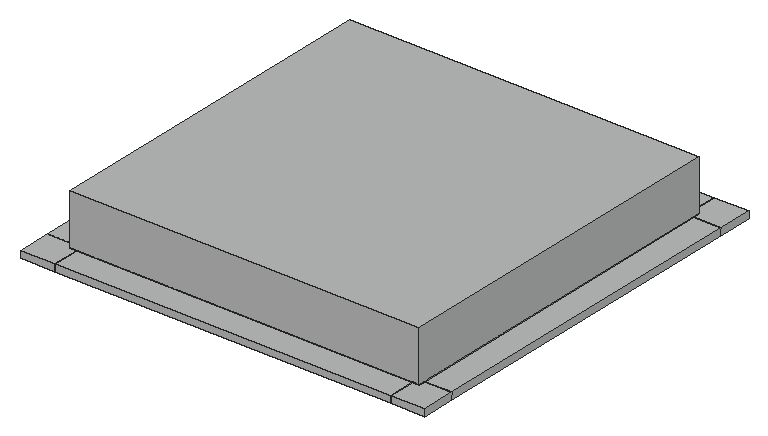
Revit family "ALUMOGIPS", category Осветительные приборы, Revit 2019 (continued)
Types (72, lengths in mm): name | Файл фотометрической сетки | built-in parameter 1150105 | Lumens | built-in parameter 1150106 | built-in parameter 1150142 | Wattage | Emit from Rectangle Width | Emit from Rectangle Length | Длина | Материал светильника | Ширина | ADSK_Ток | ADSK_Полная мощность | ADSK_Обозначение | ADSK_Номинальная мощность | ADSK_Наименование | ADSK_Масса | ADSK_Код изделия
  Alumogips-50/opal-sand 595х595 (IP40, 4000К, белый) | "Светильник ALUMOGIPS-50 OPAL-SAND-(595x595).IES" | 405.85 (stored number, unit not read) | 5100 lm | 4.0585 (stored number, unit not read) | "IESNA:LM-63-95\r\n[TEST] Протокол № 50-14\r\n[DATA] 15.06.2016\r\n[MORE] \r\n[MANUFAC] ЗАО \"Центрстройсвет\"\r\n[LUMCAT]  Светильник ALUMOGIPS-50/OPAL-SAND-(595x595)\r\n[LUMINAIRE]\r\n[LAMPCAT] Светодиоды\r\n[LAMP] Поток источника света (светодиодов) не известен\r\n[MORE] КСС приведена в абсолютных величинах кд\r\n[MORE] Вместо потока лампы, указан поток светильника.\r\nTILT=NONE\r\n1    5060 1.0 37 73 1 2 0.595 0.595 0.04\r\n1.0 1.0 50.3\r\n0.0 5.0 10.0 15.0 20.0 25.0 30.0 35.0 40.0 45.0 50.0 55.0 60.0 65.0 70.0 75.0 80.0 85.0 90.0 95.0 100.0 105.0 110.0 115.0 120.0 125.0 130.0 135.0 140.0 145.0 150.0 155.0 160.0 165.0 170.0 175.0 180.0\r\n0.0 5.0 10.0 15.0 20.0 25.0 30.0 35.0 40.0 45.0 50.0 55.0 60.0 65.0 70.0 75.0 80.0 85.0 90.0 95.0 100.0 105.0 110.0 115.0 120.0 125.0 130.0 135.0 140.0 145.0 150.0 155.0 160.0 165.0 170.0 175.0 180.0 185.0 190.0 195.0 200.0 205.0 210.0 215.0 220.0 225.0 230.0 235.0 240.0 245.0 250.0 255.0 260.0 265.0 270.0 275.0 280.0 285.0 290.0 295.0 300.0 305.0 310.0 315.0 320.0 325.0 330.0 335.0 340.0 345.0 350.0 355.0 360.0\r\n1887.5 1882.3 1843.4 1792.0 1724.0 1631.5 1531.1 1419.3 1293.7 1161.5 1026.7 886.8 740.0 595.0 455.2 319.9 194.6 81.1 4.9 0.0 0.0 0.0 0.0 0.0 0.0 0.0 0.0 0.0 0.0 0.0 0.0 0.0 0.0 0.0 0.0 0.0 0.0\r\n1887.5 1882.9 1846.0 1797.8 1725.1 1630.8 1538.9 1418.0 1289.1 1162.9 1024.5 883.4 740.5 598.7 455.8 320.4 195.7 82.0 5.0 0.0 0.0 0.0 0.0 0.0 0.0 0.0 0.0 0.0 0.0 0.0 0.0 0.0 0.0 0.0 0.0 0.0 0.0\r\n1887.5 1884.1 1849.8 1793.9 1724.1 1633.5 1538.1 1421.4 1298.2 1165.1 1027.4 885.2 742.6 599.8 457.4 322.3 197.1 83.7 5.4 0.0 0.0 0.0 0.0 0.0 0.0 0.0 0.0 0.0 0.0 0.0 0.0 0.0 0.0 0.0 0.0 0.0 0.0\r\n1887.5 1885.6 1850.0 1796.3 1725.8 1632.2 1533.7 1422.0 1295.8 1167.8 1030.8 886.1 743.6 597.9 459.5 322.2 196.9 83.7 5.4 0.0 0.0 0.0 0.0 0.0 0.0 0.0 0.0 0.0 0.0 0.0 0.0 0.0 0.0 0.0 0.0 0.0 0.0\r\n1887.5 1886.5 1849.9 1795.8 1721.4 1639.6 1534.8 1418.0 1296.4 1168.3 1027.2 886.6 744.0 600.2 457.7 323.1 197.0 84.2 5.3 0.0 0.0 0.0 0.0 0.0 0.0 0.0 0.0 0.0 0.0 0.0 0.0 0.0 0.0 0.0 0.0 0.0 0.0\r\n1887.5 1885.6 1848.0 1795.1 1728.2 1636.1 1537.7 1424.4 1296.7 1163.9 1028.1 885.4 746.1 599.2 456.9 323.0 198.1 84.6 6.1 0.0 0.0 0.0 0.0 0.0 0.0 0.0 0.0 0.0 0.0 0.0 0.0 0.0 0.0 0.0 0.0 0.0 0.0\r\n1887.5 1884.2 1849.8 1792.9 1722.3 1637.3 1537.3 1423.8 1299.0 1162.9 1028.1 889.2 746.4 599.2 458.6 325.2 198.7 85.0 6.5 0.0 0.0 0.0 0.0 0.0 0.0 0.0 0.0 0.0 0.0 0.0 0.0 0.0 0.0 0.0 0.0 0.0 0.0\r\n1887.5 1884.0 1850.9 1800.1 1725.4 1633.0 1534.3 1421.2 1294.0 1160.9 1028.3 886.0 747.4 600.7 459.7 325.6 199.2 86.0 6.2 0.0 0.0 0.0 0.0 0.0 0.0 0.0 0.0 0.0 0.0 0.0 0.0 0.0 0.0 0.0 0.0 0.0 0.0\r\n1887.5 1884.0 1850.4 1799.2 1722.9 1634.9 1528.6 1423.0 1298.2 1162.3 1032.0 888.7 743.9 600.7 461.8 326.2 199.2 86.6 6.1 0.0 0.0 0.0 0.0 0.0 0.0 0.0 0.0 0.0 0.0 0.0 0.0 0.0 0.0 0.0 0.0 0.0 0.0\r\n1887.5 1883.3 1848.8 1801.0 1723.6 1638.0 1538.5 1425.1 1297.5 1166.1 1029.5 886.1 746.3 605.4 461.8 326.3 201.2 87.0 6.2 0.0 0.0 0.0 0.0 0.0 0.0 0.0 0.0 0.0 0.0 0.0 0.0 0.0 0.0 0.0 0.0 0.0 0.0\r\n1887.5 1883.3 1850.6 1797.3 1725.8 1637.1 1533.1 1417.5 1298.3 1167.1 1027.2 888.0 746.2 603.2 463.6 327.0 201.7 88.1 6.5 0.0 0.0 0.0 0.0 0.0 0.0 0.0 0.0 0.0 0.0 0.0 0.0 0.0 0.0 0.0 0.0 0.0 0.0\r\n1887.5 1883.7 1849.0 1797.7 1720.9 1638.5 1535.3 1424.4 1299.6 1168.5 1035.4 889.6 749.8 603.4 465.3 328.4 201.8 88.8 7.0 0.0 0.0 0.0 0.0 0.0 0.0 0.0 0.0 0.0 0.0 0.0 0.0 0.0 0.0 0.0 0.0 0.0 0.0\r\n1887.5 1883.1 1852.7 1797.3 1728.6 1639.3 1538.4 1423.7 1303.2 1168.1 1029.2 892.4 748.1 605.8 464.0 329.6 202.9 89.8 7.0 0.0 0.0 0.0 0.0 0.0 0.0 0.0 0.0 0.0 0.0 0.0 0.0 0.0 0.0 0.0 0.0 0.0 0.0\r\n1887.5 1881.9 1853.7 1798.9 1724.8 1637.5 1543.5 1423.8 1299.9 1170.3 1024.3 891.2 751.8 607.8 466.0 330.6 204.5 90.0 7.3 0.0 0.0 0.0 0.0 0.0 0.0 0.0 0.0 0.0 0.0 0.0 0.0 0.0 0.0 0.0 0.0 0.0 0.0\r\n1887.5 1881.8 1854.7 1797.4 1729.6 1638.4 1538.7 1420.0 1302.3 1168.1 1034.9 892.9 749.2 609.3 467.3 330.5 205.3 90.4 7.7 0.0 0.0 0.0 0.0 0.0 0.0 0.0 0.0 0.0 0.0 0.0 0.0 0.0 0.0 0.0 0.0 0.0 0.0\r\n1887.5 1882.8 1852.5 1798.1 1725.4 1641.5 1535.9 1424.2 1305.0 1168.3 1036.9 895.1 752.7 610.0 468.0 330.8 206.4 91.1 7.9 0.0 0.0 0.0 0.0 0.0 0.0 0.0 0.0 0.0 0.0 0.0 0.0 0.0 0.0 0.0 0.0 0.0 0.0\r\n1887.5 1883.6 1853.4 1797.0 1722.9 1639.1 1537.8 1429.0 1302.2 1172.5 1035.6 896.5 751.3 608.9 469.2 331.4 207.3 92.2 8.2 0.0 0.0 0.0 0.0 0.0 0.0 0.0 0.0 0.0 0.0 0.0 0.0 0.0 0.0 0.0 0.0 0.0 0.0\r\n1887.5 1883.6 1850.7 1797.3 1726.9 1643.9 1542.2 1421.1 1302.3 1173.9 1036.7 893.3 752.7 610.7 470.3 331.8 207.5 92.8 8.4 0.0 0.0 0.0 0.0 0.0 0.0 0.0 0.0 0.0 0.0 0.0 0.0 0.0 0.0 0.0 0.0 0.0 0.0\r\n1887.5 1883.8 1850.5 1796.3 1728.7 1637.1 1539.6 1426.0 1310.2 1175.1 1036.5 895.8 754.0 609.7 469.6 332.7 208.2 93.1 8.5 0.0 0.0 0.0 0.0 0.0 0.0 0.0 0.0 0.0 0.0 0.0 0.0 0.0 0.0 0.0 0.0 0.0 0.0\r\n1887.5 1884.5 1848.7 1798.4 1728.4 1643.0 1541.1 1424.4 1306.1 1175.6 1035.2 895.7 753.2 610.0 470.1 333.6 209.0 93.8 8.7 0.0 0.0 0.0 0.0 0.0 0.0 0.0 0.0 0.0 0.0 0.0 0.0 0.0 0.0 0.0 0.0 0.0 0.0\r\n1887.5 1885.1 1846.5 1798.1 1728.3 1640.7 1538.4 1422.5 1302.2 1173.0 1035.2 900.5 754.9 610.9 470.6 333.2 208.6 94.1 8.3 0.0 0.0 0.0 0.0 0.0 0.0 0.0 0.0 0.0 0.0 0.0 0.0 0.0 0.0 0.0 0.0 0.0 0.0\r\n1887.5 1884.8 1851.0 1798.1 1730.2 1643.2 1541.6 1426.4 1303.3 1176.2 1035.7 896.2 754.5 612.8 472.6 334.1 209.1 94.5 8.3 0.0 0.0 0.0 0.0 0.0 0.0 0.0 0.0 0.0 0.0 0.0 0.0 0.0 0.0 0.0 0.0 0.0 0.0\r\n1887.5 1884.2 1851.7 1798.5 1729.5 1639.1 1536.0 1425.2 1302.7 1175.5 1036.5 898.0 758.2 612.7 468.9 335.3 208.8 94.8 9.1 0.0 0.0 0.0 0.0 0.0 0.0 0.0 0.0 0.0 0.0 0.0 0.0 0.0 0.0 0.0 0.0 0.0 0.0\r\n1887.5 1883.1 1853.9 1797.7 1724.9 1639.7 1541.8 1430.1 1304.9 1168.5 1037.8 897.4 754.1 610.4 472.0 334.6 209.1 95.3 8.8 0.0 0.0 0.0 0.0 0.0 0.0 0.0 0.0 0.0 0.0 0.0 0.0 0.0 0.0 0.0 0.0 0.0 0.0\r\n1887.5 1881.5 1850.2 1795.2 1729.7 1647.3 1540.3 1425.3 1308.1 1174.1 1040.2 896.3 755.4 612.5 470.5 335.6 209.7 95.4 8.7 0.0 0.0 0.0 0.0 0.0 0.0 0.0 0.0 0.0 0.0 0.0 0.0 0.0 0.0 0.0 0.0 0.0 0.0\r\n1887.5 1880.4 1847.4 1795.8 1726.1 1638.7 1541.7 1429.3 1302.6 1175.9 1038.5 897.9 751.3 611.6 471.1 335.6 209.6 95.3 9.2 0.0 0.0 0.0 0.0 0.0 0.0 0.0 0.0 0.0 0.0 0.0 0.0 0.0 0.0 0.0 0.0 0.0 0.0\r\n1887.5 1880.0 1850.3 1797.1 1726.4 1643.3 1536.0 1421.3 1303.6 1171.4 1038.6 895.9 755.7 612.4 470.9 336.2 208.7 95.8 9.1 0.0 0.0 0.0 0.0 0.0 0.0 0.0 0.0 0.0 0.0 0.0 0.0 0.0 0.0 0.0 0.0 0.0 0.0\r\n1887.5 1879.1 1850.7 1799.2 1725.1 1639.6 1536.4 1428.4 1302.2 1172.1 1033.4 895.3 754.1 612.8 470.7 335.5 209.1 96.7 9.0 0.0 0.0 0.0 0.0 0.0 0.0 0.0 0.0 0.0 0.0 0.0 0.0 0.0 0.0 0.0 0.0 0.0 0.0\r\n1887.5 1876.9 1845.6 1794.8 1724.8 1637.8 1537.7 1427.7 1305.4 1174.0 1036.9 896.0 755.2 613.5 471.4 337.3 209.9 96.1 9.4 0.0 0.0 0.0 0.0 0.0 0.0 0.0 0.0 0.0 0.0 0.0 0.0 0.0 0.0 0.0 0.0 0.0 0.0\r\n1887.5 1874.8 1849.0 1796.1 1725.5 1644.7 1539.3 1422.3 1296.7 1172.6 1036.6 895.8 752.9 610.2 470.9 336.1 209.8 95.5 9.5 0.0 0.0 0.0 0.0 0.0 0.0 0.0 0.0 0.0 0.0 0.0 0.0 0.0 0.0 0.0 0.0 0.0 0.0\r\n1887.5 1874.3 1850.7 1796.1 1722.3 1643.7 1535.4 1426.2 1297.3 1169.2 1033.9 896.5 756.1 608.4 469.6 336.8 208.8 95.7 9.0 0.0 0.0 0.0 0.0 0.0 0.0 0.0 0.0 0.0 0.0 0.0 0.0 0.0 0.0 0.0 0.0 0.0 0.0\r\n1887.5 1875.0 1847.6 1795.2 1726.0 1637.4 1538.8 1422.8 1302.3 1167.3 1031.4 892.2 753.9 609.3 470.2 335.4 209.4 95.6 9.2 0.0 0.0 0.0 0.0 0.0 0.0 0.0 0.0 0.0 0.0 0.0 0.0 0.0 0.0 0.0 0.0 0.0 0.0\r\n1887.5 1876.2 1846.7 1797.0 1722.9 1632.1 1531.8 1428.4 1297.9 1173.0 1032.8 893.5 750.3 609.2 468.7 334.5 208.8 95.2 9.5 0.0 0.0 0.0 0.0 0.0 0.0 0.0 0.0 0.0 0.0 0.0 0.0 0.0 0.0 0.0 0.0 0.0 0.0\r\n1887.5 1877.0 1845.0 1799.0 1728.3 1642.0 1532.1 1422.0 1297.5 1176.2 1034.8 896.4 752.7 609.9 470.0 333.7 209.6 95.2 9.1 0.0 0.0 0.0 0.0 0.0 0.0 0.0 0.0 0.0 0.0 0.0 0.0 0.0 0.0 0.0 0.0 0.0 0.0\r\n1887.5 1876.9 1842.6 1790.6 1724.9 1639.4 1536.1 1422.9 1304.1 1169.6 1035.5 895.3 751.4 609.1 469.0 332.6 209.1 95.1 9.2 0.0 0.0 0.0 0.0 0.0 0.0 0.0 0.0 0.0 0.0 0.0 0.0 0.0 0.0 0.0 0.0 0.0 0.0\r\n1887.5 1875.7 1845.4 1794.6 1719.6 1634.8 1535.6 1422.6 1301.8 1167.1 1036.6 892.0 752.3 605.8 469.0 332.7 209.1 93.9 9.3 0.0 0.0 0.0 0.0 0.0 0.0 0.0 0.0 0.0 0.0 0.0 0.0 0.0 0.0 0.0 0.0 0.0 0.0\r\n1887.5 1874.6 1846.6 1791.0 1719.4 1631.6 1534.3 1422.3 1303.5 1171.6 1032.3 893.0 750.0 606.5 467.5 330.0 206.4 92.9 8.4 0.0 0.0 0.0 0.0 0.0 0.0 0.0 0.0 0.0 0.0 0.0 0.0 0.0 0.0 0.0 0.0 0.0 0.0\r\n1887.5 1874.0 1843.1 1789.6 1720.6 1639.4 1534.3 1424.0 1300.8 1168.1 1030.2 892.1 748.2 609.2 467.1 330.4 206.0 92.1 7.9 0.0 0.0 0.0 0.0 0.0 0.0 0.0 0.0 0.0 0.0 0.0 0.0 0.0 0.0 0.0 0.0 0.0 0.0\r\n1887.5 1873.5 1842.4 1792.6 1720.8 1633.5 1535.7 1423.0 1296.8 1165.4 1028.6 890.9 749.2 606.9 466.1 329.8 204.3 90.7 7.8 0.0 0.0 0.0 0.0 0.0 0.0 0.0 0.0 0.0 0.0 0.0 0.0 0.0 0.0 0.0 0.0 0.0 0.0\r\n1887.5 1872.5 1843.5 1792.8 1719.4 1633.2 1530.8 1420.9 1295.9 1169.4 1030.4 892.0 748.4 604.3 464.0 329.4 203.7 91.1 7.3 0.0 0.0 0.0 0.0 0.0 0.0 0.0 0.0 0.0 0.0 0.0 0.0 0.0 0.0 0.0 0.0 0.0 0.0\r\n1887.5 1871.5 1840.6 1788.3 1723.9 1633.4 1533.4 1417.1 1296.6 1165.6 1026.8 888.1 749.6 603.5 465.6 328.3 203.4 90.8 6.9 0.0 0.0 0.0 0.0 0.0 0.0 0.0 0.0 0.0 0.0 0.0 0.0 0.0 0.0 0.0 0.0 0.0 0.0\r\n1887.5 1871.7 1837.5 1793.8 1715.8 1634.9 1538.0 1424.6 1298.1 1167.0 1028.0 888.7 747.9 603.5 465.2 327.9 201.8 90.2 7.0 0.0 0.0 0.0 0.0 0.0 0.0 0.0 0.0 0.0 0.0 0.0 0.0 0.0 0.0 0.0 0.0 0.0 0.0\r\n1887.5 1872.9 1840.2 1791.1 1722.4 1635.7 1532.7 1420.2 1295.0 1159.5 1029.1 888.4 746.9 600.5 462.3 328.7 201.0 90.1 6.9 0.0 0.0 0.0 0.0 0.0 0.0 0.0 0.0 0.0 0.0 0.0 0.0 0.0 0.0 0.0 0.0 0.0 0.0\r\n1887.5 1873.3 1840.5 1789.1 1721.5 1635.7 1530.6 1419.0 1297.0 1164.6 1027.8 889.2 744.1 604.1 463.3 327.1 201.1 89.2 6.4 0.0 0.0 0.0 0.0 0.0 0.0 0.0 0.0 0.0 0.0 0.0 0.0 0.0 0.0 0.0 0.0 0.0 0.0\r\n1887.5 1872.9 1835.7 1788.5 1722.3 1636.7 1534.0 1423.0 1296.7 1161.9 1026.4 886.9 745.3 601.5 461.8 326.2 200.5 88.4 6.3 0.0 0.0 0.0 0.0 0.0 0.0 0.0 0.0 0.0 0.0 0.0 0.0 0.0 0.0 0.0 0.0 0.0 0.0\r\n1887.5 1872.6 1838.3 1791.1 1724.9 1630.4 1531.8 1419.7 1295.3 1168.5 1027.5 880.9 745.5 601.1 461.5 326.5 199.4 87.5 6.3 0.0 0.0 0.0 0.0 0.0 0.0 0.0 0.0 0.0 0.0 0.0 0.0 0.0 0.0 0.0 0.0 0.0 0.0\r\n1887.5 1872.8 1840.3 1789.2 1719.5 1633.6 1532.6 1417.6 1294.5 1165.4 1020.8 885.7 745.3 602.2 460.4 324.3 199.3 87.3 6.1 0.0 0.0 0.0 0.1 0.2 0.0 0.0 0.0 0.0 0.0 0.0 0.0 0.0 0.0 0.0 0.0 0.0 0.0\r\n1887.5 1873.5 1838.6 1790.7 1722.3 1630.8 1530.5 1417.1 1295.0 1167.0 1025.9 884.6 740.9 599.5 459.4 323.2 199.3 86.7 5.7 0.0 0.0 0.0 0.2 0.4 0.0 0.0 0.0 0.0 0.0 0.0 0.0 0.0 0.0 0.0 0.0 0.0 0.0\r\n1887.5 1874.2 1837.3 1789.5 1719.1 1630.4 1533.5 1417.9 1293.0 1161.5 1026.6 886.5 743.5 600.4 460.1 323.6 198.7 86.1 5.9 0.0 0.0 0.0 0.4 0.6 0.0 0.0 0.0 0.0 0.0 0.0 0.0 0.0 0.0 0.0 0.0 0.0 0.0\r\n1887.5 1874.2 1840.2 1789.0 1715.5 1634.9 1530.0 1416.2 1292.8 1158.2 1025.3 884.7 740.5 599.4 458.3 323.4 197.9 85.3 5.9 0.0 0.0 0.0 0.4 0.9 0.0 0.0 0.0 0.0 0.1 0.0 0.0 0.0 0.0 0.0 0.0 0.0 0.0\r\n1887.5 1873.3 1839.1 1789.1 1718.1 1638.7 1537.0 1412.2 1291.9 1164.4 1026.0 883.3 742.8 598.7 456.7 321.5 197.8 84.6 5.7 0.0 0.0 0.0 0.2 0.8 0.0 0.0 0.0 0.0 0.1 0.0 0.0 0.0 0.0 0.0 0.0 0.0 0.0\r\n1887.5 1872.3 1839.4 1787.8 1714.0 1633.5 1527.1 1417.7 1293.5 1164.9 1025.5 883.9 738.3 599.4 457.0 320.6 197.3 83.5 5.9 0.0 0.0 0.0 0.0 0.1 0.2 0.0 0.0 0.0 0.1 0.0 0.0 0.0 0.0 0.0 0.0 0.0 0.0\r\n1887.5 1871.5 1840.6 1789.0 1716.8 1627.7 1530.9 1417.4 1291.4 1158.2 1021.7 888.3 739.3 596.4 457.7 320.6 196.6 83.1 5.8 0.0 0.0 0.0 0.0 0.0 0.0 0.0 0.0 0.0 0.1 0.0 0.0 0.0 0.0 0.0 0.0 0.0 0.0\r\n1887.5 1871.2 1839.5 1788.7 1714.7 1630.8 1533.3 1417.2 1290.6 1154.1 1021.7 884.9 739.3 596.6 457.4 319.4 195.8 83.0 5.3 0.0 0.0 0.0 0.0 0.0 0.0 0.0 0.0 0.0 0.1 0.0 0.0 0.0 0.0 0.0 0.0 0.0 0.0\r\n1887.5 1871.6 1839.7 1787.9 1720.6 1630.8 1533.9 1416.2 1290.9 1158.9 1021.9 880.6 741.2 596.3 457.0 320.0 195.2 82.5 4.7 0.0 0.0 0.0 0.0 0.0 0.0 0.0 0.0 0.0 0.1 0.0 0.0 0.0 0.0 0.0 0.0 0.0 0.0\r\n1887.5 1872.3 1838.1 1789.3 1712.9 1625.9 1525.4 1417.2 1291.8 1157.6 1020.0 883.4 740.0 594.9 454.8 318.6 194.2 81.9 4.7 0.0 0.0 0.0 0.0 0.0 0.0 0.0 0.0 0.0 0.1 0.0 0.0 0.0 0.0 0.0 0.0 0.0 0.0\r\n1887.5 1872.7 1839.6 1789.3 1718.6 1629.9 1525.5 1419.8 1293.5 1154.0 1020.1 878.8 736.9 593.7 456.1 318.4 193.6 81.4 4.3 0.0 0.0 0.0 0.0 0.0 0.0 0.0 0.0 0.0 0.1 0.0 0.0 0.0 0.0 0.0 0.0 0.0 0.0\r\n1887.5 1873.0 1840.9 1790.2 1716.4 1630.3 1526.9 1414.6 1285.9 1157.6 1025.3 882.6 736.3 594.0 453.5 317.4 193.8 80.8 3.8 0.0 0.0 0.0 0.0 0.0 0.0 0.0 0.0 0.0 0.1 0.0 0.0 0.0 0.0 0.0 0.0 0.0 0.0\r\n1887.5 1873.5 1841.2 1787.5 1718.4 1634.0 1528.6 1409.6 1285.8 1155.5 1025.3 876.4 735.1 594.3 453.7 316.4 192.5 80.5 4.0 0.0 0.0 0.0 0.0 0.0 0.0 0.0 0.0 0.0 0.1 0.0 0.0 0.0 0.0 0.0 0.0 0.0 0.0\r\n1887.5 1873.9 1841.6 1790.0 1717.7 1629.1 1528.0 1409.8 1288.0 1151.6 1019.8 875.9 736.5 592.3 451.8 318.0 191.7 80.2 4.0 0.0 0.0 0.0 0.0 0.0 0.0 0.0 0.0 0.0 0.0 0.0 0.0 0.0 0.0 0.0 0.0 0.0 0.0\r\n1887.5 1874.1 1841.0 1789.7 1717.2 1630.1 1529.9 1419.7 1290.4 1156.3 1022.8 880.3 733.7 593.5 452.4 316.0 191.3 79.4 3.9 0.0 0.0 0.0 0.0 0.0 0.0 0.0 0.0 0.0 0.0 0.0 0.0 0.0 0.0 0.0 0.0 0.0 0.0\r\n1887.5 1874.1 1840.2 1785.0 1714.5 1629.4 1527.7 1411.7 1290.1 1153.6 1017.8 879.3 733.8 592.9 451.3 315.7 191.7 79.2 4.4 0.0 0.0 0.0 0.0 0.0 0.0 0.0 0.0 0.0 0.0 0.0 0.0 0.0 0.0 0.0 0.0 0.0 0.0\r\n1887.5 1873.8 1839.2 1790.0 1722.6 1631.3 1526.9 1414.1 1288.6 1158.0 1021.7 880.4 735.8 589.7 453.5 315.5 191.2 78.9 4.5 0.0 0.0 0.0 0.0 0.0 0.0 0.0 0.0 0.0 0.0 0.0 0.0 0.0 0.0 0.0 0.0 0.0 0.0\r\n1887.5 1874.4 1838.4 1789.0 1718.1 1628.9 1522.6 1413.3 1284.8 1161.1 1020.5 878.5 734.8 593.7 450.4 316.4 190.5 79.1 4.3 0.0 0.0 0.0 0.0 0.0 0.0 0.0 0.0 0.0 0.0 0.0 0.0 0.0 0.0 0.0 0.0 0.0 0.0\r\n1887.5 1876.6 1839.3 1788.5 1718.4 1632.2 1524.7 1416.3 1290.0 1154.1 1020.6 876.5 736.6 594.2 448.6 316.5 189.8 78.5 4.1 0.0 0.0 0.0 0.0 0.0 0.0 0.0 0.0 0.0 0.0 0.0 0.0 0.0 0.0 0.0 0.0 0.0 0.0\r\n1887.5 1878.7 1842.1 1786.9 1714.7 1629.1 1527.4 1410.5 1293.4 1160.9 1018.3 878.4 735.0 594.0 451.4 313.5 190.7 78.3 3.7 0.0 0.0 0.0 0.0 0.0 0.0 0.0 0.0 0.0 0.0 0.0 0.0 0.0 0.0 0.0 0.0 0.0 0.0\r\n1887.5 1879.5 1841.9 1788.6 1717.1 1632.6 1529.5 1414.0 1286.1 1155.2 1023.1 878.2 734.9 591.7 452.9 315.4 190.4 78.3 3.4 0.0 0.0 0.0 0.0 0.0 0.0 0.0 0.0 0.0 0.0 0.0 0.0 0.0 0.0 0.0 0.0 0.0 0.0\r\n1887.5 1879.6 1839.7 1792.9 1715.8 1629.7 1529.6 1414.5 1293.2 1154.7 1019.1 880.1 734.7 589.5 450.3 315.4 190.2 78.5 3.7 0.0 0.0 0.0 0.0 0.0 0.0 0.0 0.0 0.0 0.0 0.0 0.0 0.0 0.0 0.0 0.0 0.0 0.0\r\n1887.5 1880.2 1841.8 1793.1 1721.7 1625.7 1529.1 1413.3 1291.5 1156.5 1017.9 882.6 737.0 593.8 452.9 315.8 189.7 78.7 3.6 0.0 0.0 0.0 0.0 0.0 0.0 0.0 0.0 0.0 0.0 0.0 0.0 0.0 0.0 0.0 0.0 0.0 0.0\r\n1887.5 1881.1 1842.4 1785.9 1716.3 1632.5 1528.4 1410.2 1289.5 1156.3 1018.9 875.2 736.4 595.3 452.5 315.3 191.0 79.0 3.5 0.0 0.0 0.0 0.0 0.0 0.0 0.0 0.0 0.0 0.0 0.0 0.0 0.0 0.0 0.0 0.0 0.0 0.0\r\n1887.5 1881.7 1845.0 1794.4 1714.9 1633.8 1528.0 1412.9 1290.1 1152.0 1023.1 875.3 736.1 593.0 453.1 316.0 191.8 79.6 3.9 0.0 0.0 0.0 0.0 0.0 0.0 0.0 0.0 0.0 0.0 0.0 0.0 0.0 0.0 0.0 0.0 0.0 0.0\r\n1887.5 1882.0 1844.3 1789.1 1721.3 1636.2 1528.4 1415.3 1289.9 1160.9 1019.9 882.0 736.6 593.6 453.1 317.2 192.7 80.3 4.5 0.0 0.0 0.0 0.0 0.0 0.0 0.0 0.0 0.0 0.0 0.0 0.0 0.0 0.0 0.0 0.0 0.0 0.0\r\n1887.5 1882.3 1843.4 1792.0 1724.0 1631.5 1531.1 1419.3 1293.7 1161.5 1026.7 886.8 740.0 595.0 455.2 319.9 194.6 81.1 4.9 0.0 0.0 0.0 0.0 0.0 0.0 0.0 0.0 0.0 0.0 0.0 0.0 0.0 0.0 0.0 0.0 0.0 0.0\r\n" | 34.3337 W | 575 | 575 | 595 | RAL 9001 | 595 | 0.236295 A | 54.3478 VA | "Alumogips-50/opal-sand 595х595 (IP40, 4000К, белый)" | 50 W | "Встраиваемый светодиодный
     светильник Alumogips-50/opal-sand 595х595 (IP40, 4000К, белый)" | 2.5 | "ЦБ000007340"
